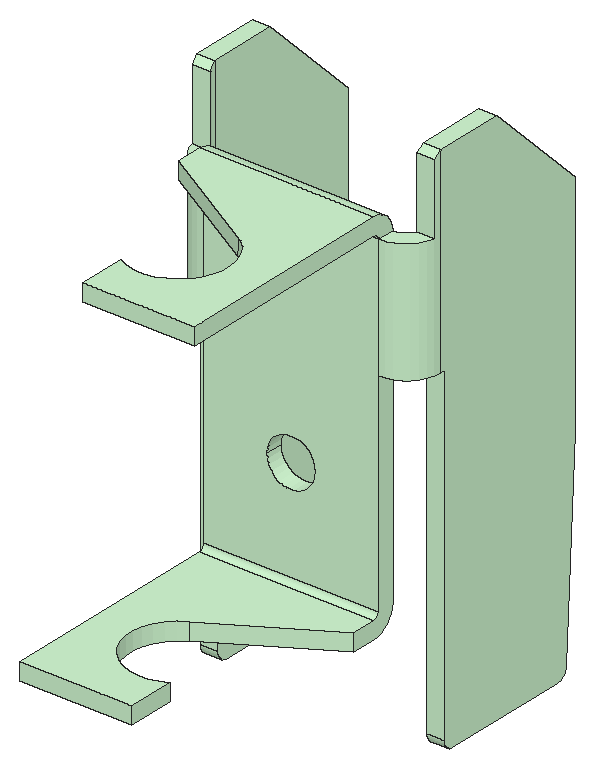
Revit family "チャンネルキャップ（AS-25用）", category 機械設備, Revit 2020
Family settings
  丸型コネクタ寸法 = 直径を使用
  種別 = なし
  パーツ タイプ = 標準
  作業面ベース = いいえ
  常に垂直 = はい
  ロード時にボイドで切り取り = いいえ
  共有 = いいえ
  部屋計算ポイント = いいえ
Parameters
  製造元 = "株式会社桐井製作所"
  既定の高さ = 0 mm
  URL = "https://www.kirii.co.jp/"
  K_品名 = "チャンネルキャップ(AS-25用)"
  K_名称 = "チャンネルキャップ"
  K_バージョン情報 = "20211216"
Reference planes
  plane 1 "中心(正面/背面)": y = 0
  plane 2: z = 0
  plane 3 "中心(左/右)": x = 0
Forms (mm)
  Extrusion 1, solid
    sketch origin (0, 0, 0) x (1, 0, 0) y (0, 1, 0)
      loop
        arc (8.05, -1.6) -> (10.313, -0.663) -> (11.25, 1.6) r 3.2
        line (11.25, 1.6) -> (11.25, 17) -> (9.65, 17) -> (9.65, 1.6)
        arc (9.65, 1.6) -> (9.181, 0.469) -> (8.05, 0) r 1.6
        line (8.05, 0) -> (-8.05, 0)
        arc (-8.05, 0) -> (-9.181, 0.469) -> (-9.65, 1.6) r 1.6
        line (-9.65, 1.6) -> (-9.65, 17) -> (-11.25, 17) -> (-11.25, 1.6)
        arc (-11.25, 1.6) -> (-10.313, -0.663) -> (-8.05, -1.6) r 3.2
        line (-8.05, -1.6) -> (8.05, -1.6)
    from 0 to 50
  Extrusion 2, void
    sketch origin (0, 0, 0) x (0, 1, 0) y (0, 0, 1)
      loop
        line (8, 50) -> (17, 41) -> (17, 50) -> (8, 50)
      loop
        line (17, 19.98) -> (16.029, 0.949)
        arc (16.029, 0.949) -> (15.719, 0.275) -> (15.03, 0) r 1
        line (15.03, 0) -> (17, 0) -> (17, 19.98)
    from 9.65 to 11.25
  Extrusion 3, void
    sketch origin (-20.9, 0, 0) x (0, 1, 0) y (0, 0, 1)
      loop
        line (8, 50) -> (17, 41) -> (17, 50) -> (8, 50)
      loop
        line (17, 19.98) -> (16.029, 0.949)
        arc (16.029, 0.949) -> (15.719, 0.275) -> (15.03, 0) r 1
        line (15.03, 0) -> (17, 0) -> (17, 19.98)
    from 9.65 to 11.25
  Extrusion 4, void
    sketch origin (0, 0, 0) x (0, 1, 0) y (0, 0, 1)
      loop
        line (1, 42.9) -> (1, 49.4) -> (1.6, 50) -> (-1.6, 50) -> (-1.6, 42.9) -> (1, 42.9)
      loop
        line (2, 31.6) -> (-1.6, 31.6) -> (-1.6, 0) -> (3, 0)
        arc (3, 0) -> (2.293, 0.293) -> (2, 1) r 1
        line (2, 1) -> (2, 31.6)
    from -11.875 to 11.975
  Extrusion 5, solid
    sketch origin (0, 0, 0) x (0, 1, 0) y (0, 0, 1)
      loop
        line (-2.1, 45) -> (-22.8, 45) -> (-22.8, 43.4) -> (-2.1, 43.4)
        arc (-2.1, 43.4) -> (-1.746, 43.254) -> (-1.6, 42.9) r 0.5
        line (-1.6, 42.9) -> (-1.6, 12.1)
        arc (-1.6, 12.1) -> (-1.746, 11.746) -> (-2.1, 11.6) r 0.5
        line (-2.1, 11.6) -> (-22.8, 11.6) -> (-22.8, 10) -> (-2.1, 10)
        arc (-2.1, 10) -> (-0.615, 10.615) -> (0, 12.1) r 2.1
        line (0, 12.1) -> (0, 31.6) -> (0, 42.9)
        arc (0, 42.9) -> (-0.615, 44.385) -> (-2.1, 45) r 2.1
    from -8.05 to 8.05
  Extrusion 6, void
    sketch origin (0, 0, 0) x (1, 0, 0) y (0, 0, 1)
      loop
        circle (0, 21.6) r 2.25
    from 0 to 1.6
  Extrusion 7, void
    sketch origin (0, 0, 0) x (1, 0, 0) y (0, 1, 0)
      loop
        line (2.275, -10.56) -> (-8.05, -4.454) -> (-8.05, -22.8) -> (-2.275, -22.8) -> (-2.275, -18.44)
        arc (-2.275, -18.44) -> (3.94, -16.775) -> (2.275, -10.56) r 4.55
    from 43.4 to 45
  Extrusion 8, void
    sketch origin (0, 0, 0) x (-1, 0, 0) y (0, -1, 0)
      loop
        arc (2.275, 10.56) -> (3.94, 16.775) -> (-2.275, 18.44) r 4.55
        line (-2.275, 18.44) -> (-2.275, 22.8) -> (-8.05, 22.8) -> (-8.05, 4.454) -> (2.275, 10.56)
    from 10 to 11.6
Cuts and joins
  Extrusion 2, Extrusion 3, Extrusion 4, Extrusion 6, Extrusion 7, Extrusion 8 cuts Extrusion 1
  Extrusion 6, Extrusion 7, Extrusion 8 cuts Extrusion 5
  joined: Extrusion 1, Extrusion 5
Dimensions and locks
  aligned and locked: level to plane 2
